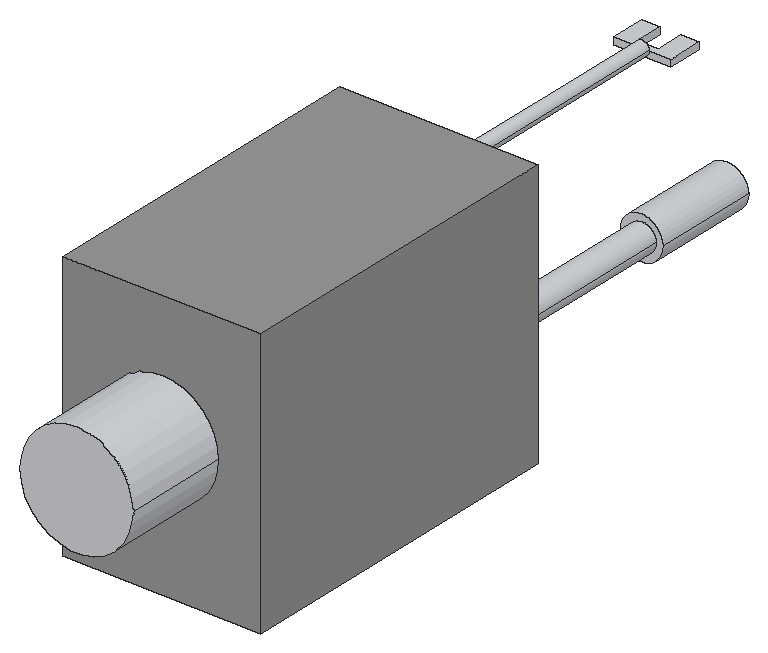
Revit family "10Base5-Netzwerke", category Generic Models, Revit 2015
Parameters (values of type "KOAX B-E2 MF-C")
  Width = 28 mm
  URL = "http://www.obo-bettermann.com"
  Material = Aluminum
  Manufacturer Art.No. = "5082430"
  Manufacturer = "OBO Bettermann"
  Length 1 = 115 mm
  Length = 64 mm
  Height = 38 mm
  GTIN = "4012196415717"
  Article Type = "KOAX B-E2 MF-C"
Reference planes
  plane 1 "Center (Front/Back)": y = 0
  plane 2: z = 0
  plane 3 "Center (Left/Right)": x = 0
  plane 4: y = 64
  plane 5: y = 115
  plane 6: y = 15
  plane 7: y = 100
  plane 8: z = 31
  plane 9: z = 32
Forms (mm)
  Extrusion 1, solid, material "Aluminum" <- "Material"
    sketch origin (0, 0, 0) x (1, 0, 0) y (0, 0, 1)
      loop
        line (-14, 0) -> (14, 0) -> (14, 38) -> (-14, 38) -> (-14, 0)
    from -15 to -64
  Extrusion 2, solid
    sketch origin (0, 0, 0) x (1, 0, 0) y (0, 0, 1)
      loop
        circle (0, 8) r 2
    from -100 to -64
  Extrusion 3, solid
    sketch origin (0, 0, 0) x (1, 0, 0) y (0, 0, 1)
      loop
        circle (0, 31.995) r 1
    from -100 to -64
  Extrusion 4, solid
    sketch origin (0, 0, 0) x (1, 0, 0) y (0, 1, 0)
      loop
        line (4, 100) -> (4, 105) -> (1.5, 105) -> (1.5, 101) -> (-1.5, 101) -> (-1.5, 105) -> (-4, 105) -> (-4, 100) -> (4, 100)
    from 31 to 32
  Extrusion 5, solid
    sketch origin (0, 0, 0) x (1, 0, 0) y (0, 0, 1)
      loop
        circle (0, 7.971) r 3.035
    from -115 to -100
  Extrusion 6, solid
    sketch origin (0, 0, 0) x (1, 0, 0) y (0, 0, 1)
      loop
        circle (0, 19.903) r 8
    from -15 to 0
Dimensions and locks
  "Height": Extrusion 1 sketch curve to Extrusion 1 sketch curve
  "Width": Extrusion 1 sketch curve to Extrusion 1 sketch curve
  equal spacing: Extrusion 1 sketch curve, plane 3 "Center (Left/Right)", Extrusion 1 sketch curve, locked at 14 each
  "Length": plane 1 "Center (Front/Back)" to plane 4
  "Length 1": plane 5 to plane 1 "Center (Front/Back)"
  locked: plane 6 to plane 1 "Center (Front/Back)" at 15
  locked: plane 5 to plane 7 at 15
  locked: Extrusion 4 sketch curve to Extrusion 3 at 1
  locked: Extrusion 4 sketch curve to Extrusion 4 sketch curve at 3
  equal spacing: Extrusion 4 sketch curve, plane 3 "Center (Left/Right)", Extrusion 4 sketch curve, locked at 1.5 each
  locked: Extrusion 4 sketch curve to Extrusion 4 sketch curve at 8
  equal spacing: Extrusion 4 sketch curve, plane 3 "Center (Left/Right)", Extrusion 4 sketch curve, locked at 4 each
  locked: Extrusion 4 sketch curve to plane 7 at 5
  locked: plane 8 to level at 31
  locked: plane 8 to plane 9 at 1
  radius of Extrusion 2 sketch curve = 2 mm
  radius of Extrusion 3 sketch curve = 1 mm
  diameter of Extrusion 5 sketch curve = 6.07 mm
  diameter of Extrusion 6 sketch curve = 16 mm
  aligned and locked: level to plane 2
  aligned and locked: Extrusion 1 sketch curve to level
  aligned and locked: plane 4 to Extrusion 1
  aligned and locked: plane 7 to Extrusion 2
  aligned and locked: Extrusion 2 to plane 4
  aligned and locked: Extrusion 2 to Extrusion 3
  aligned and locked: Extrusion 3 to plane 4
  aligned and locked: plane 7 to Extrusion 4 sketch curve
  aligned and locked: plane 8 to Extrusion 4
  aligned and locked: Extrusion 4 sketch curve to Extrusion 4 sketch curve
  aligned and locked: plane 5 to Extrusion 5
  aligned and locked: Extrusion 5 to Extrusion 2
  aligned and locked: plane 6 to Extrusion 1
  aligned and locked: Extrusion 6 to Extrusion 1
  aligned and locked: plane 1 "Center (Front/Back)" to Extrusion 6
Automatic sketch dimensions
  Extrusion 2 sketch curve to plane 3 "Center (Left/Right)" = 0 mm
  Extrusion 3 sketch curve to plane 3 "Center (Left/Right)" = 0 mm
  Extrusion 5 sketch curve to plane 3 "Center (Left/Right)" = 0 mm
  level to Extrusion 5 sketch curve = 7.971 mm
  level to Extrusion 2 sketch curve = 8 mm
  Extrusion 3 sketch curve to plane 9 = 0.005 mm
  Extrusion 6 sketch curve to plane 3 "Center (Left/Right)" = 0 mm
  plane 8 to Extrusion 6 sketch curve = 11.097 mm
